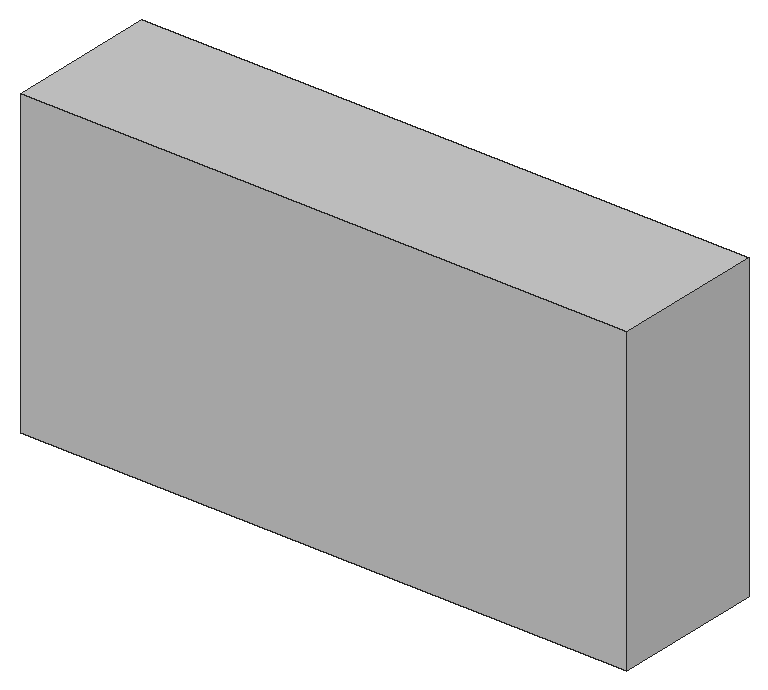
Revit family
Parameters (values of type "12 x 24")
  Beam Material [instance] = Concrete - Cast-in-Place Concrete
  Assembly Code = "B10"
  Length [instance] = 5' - 0"
  b = 1' - 0"
  h = 2' - 0"
Types (3): name | b | h
  (no name) | 1' - 0" | 2' - 0"
  16 x 32 | 1' - 4" | 2' - 8"
  12 x 24 | 1' - 0" | 2' - 0"
Reference planes (in)
  plane 1 "Center (Front/Back)": y = 0
  plane 2: z = 0
  plane 3 "Center (Left/Right)": x = 0.1815
  plane 4 "Member Left": x = -23.8185
  plane 5 "Member Right": x = 24.1815
  plane 6: y = 6
  plane 7: y = -6
  plane 8: z = 12
  plane 9 "Bottom": z = -12
  plane 10 "Left": x = -29.8185
  plane 11 "Right": x = 30.1815
Forms (in)
  Sweep 1, solid, material "Concrete - Cast-in-Place Concrete" <- "Beam Material"
    path origin (0, 0, 0) x (1, 0, 0) y (0, 1, 0)
      loop
        line (24.1815, 0) -> (-23.8185, 0)
    profile "Rectangular Beam-Profile : Rectangular Beam-Profile" origin (0.1815, 0, 0) x (0, -1, 0) y (0, 0, 1)
      loop
        line (-6, -12) -> (6, -12) -> (6, 12) -> (-6, 12) -> (-6, -12)
Dimensions and locks (in)
  "b": plane 6 to plane 7
  equal spacing: plane 9 "Bottom", plane 2, plane 8
  equal spacing: plane 6, plane 1 "Center (Front/Back)", plane 7
  "h": plane 9 "Bottom" to plane 8
  "Length": plane 10 "Left" to plane 11 "Right"
  aligned and locked: Sweep 1 sketch curve to plane 1 "Center (Front/Back)"
  aligned and locked: plane 4 "Member Left" to Sweep 1 sketch curve
  aligned and locked: plane 5 "Member Right" to Sweep 1 sketch curve
